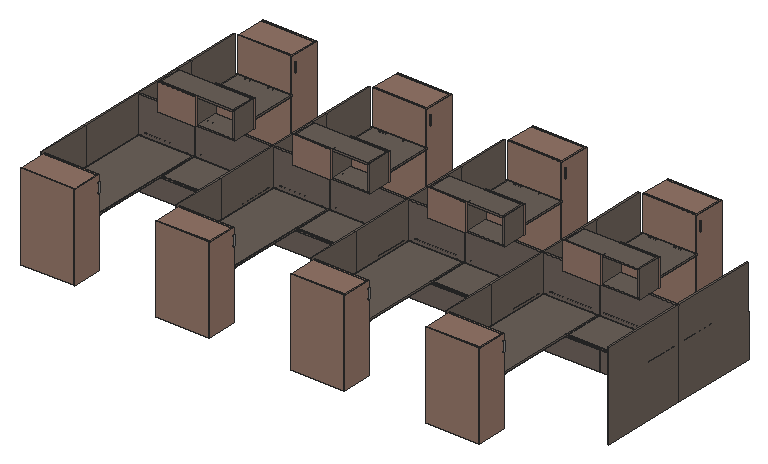
Revit family "T200031", category Furniture, Revit 2022 (continued)
Definition of nested family "STAKS BENCHING PEDESTAL TO WALL BRACKET Z SHAPED"
  Reference planes (in)
    plane 10: z = 27.625
    plane 11: z = 25.625
    plane 12: x = -18.25
    plane 13: x = -14.75
  Forms (in)
    Extrusion 1, solid
      sketch origin (0, 0, 0) x (1, 0, 0) y (0, 1, 0)
        loop
          arc (-18.25, 1.9066) -> (-18.38258, 1.96152) -> (-18.4375, 2.0941) r 0.1875
          line (-18.4375, 2.0941) -> (-18.4375, 2.87535) -> (-18.5, 2.87535) -> (-18.5, 2.0941)
          arc (-18.5, 2.0941) -> (-18.42678, 1.91732) -> (-18.25, 1.8441) r 0.25
          line (-18.25, 1.8441) -> (-14.75, 1.8441)
          arc (-14.75, 1.8441) -> (-14.61742, 1.78918) -> (-14.5625, 1.6566) r 0.1875
          line (-14.5625, 1.6566) -> (-14.5625, 0.87535) -> (-14.5, 0.87535) -> (-14.5, 1.6566)
          arc (-14.5, 1.6566) -> (-14.57322, 1.83338) -> (-14.75, 1.9066) r 0.25
          line (-14.75, 1.9066) -> (-18.25, 1.9066)
      from 25.625 to 27.625
    Extrusion 2, solid
      sketch origin (-16.5, 0, 0) x (0, 1, 0) y (0, 0, 1)
        loop
          line (1.6566, 27.875) -> (0.87535, 27.875) -> (0.87535, 27.8125) -> (1.6566, 27.8125)
          arc (1.6566, 27.8125) -> (1.78918, 27.75758) -> (1.8441, 27.625) r 0.1875
          line (1.8441, 27.625) -> (1.9066, 27.625)
          arc (1.9066, 27.625) -> (1.83338, 27.80178) -> (1.6566, 27.875) r 0.25
        loop
          arc (1.6566, 25.375) -> (1.83338, 25.44822) -> (1.9066, 25.625) r 0.25
          line (1.9066, 25.625) -> (1.8441, 25.625)
          arc (1.8441, 25.625) -> (1.78918, 25.49242) -> (1.6566, 25.4375) r 0.1875
          line (1.6566, 25.4375) -> (0.87535, 25.4375) -> (0.87535, 25.375) -> (1.6566, 25.375)
      from -1.75 to 1.75
    Extrusion 3, void
      sketch origin (-16.5, 0, 0) x (0, 1, 0) y (0, 0, 1)
        loop
          circle (1.07947, 27.29124) r 0.09375
        loop
          circle (1.07947, 25.95876) r 0.09375
        loop
          circle (2.67123, 27.29124) r 0.09375
        loop
          circle (2.67123, 25.95876) r 0.09375
      from -2 to 2
  Cuts and joins
    Extrusion 3 cuts Extrusion 1
    joined: Extrusion 1, Extrusion 2
  Dimensions and locks (in)
    "Height From Floor": plane 4 "BASE TOP" to plane 1
    "Height": plane 4 "BASE TOP" to plane 6
    equal spacing: plane 3 "LEFT", plane 8 "CENTER", plane 5 "RIGHT"
    equal spacing: plane 9, plane 2 "Center (Front/Back)", plane 7
    "Width": plane 3 "LEFT" to plane 5 "RIGHT"
    "Depth": plane 9 to plane 7
    aligned and locked: level to plane 1
    aligned and locked: plane 10 to Extrusion 1
    aligned and locked: Extrusion 1 to plane 11
    aligned and locked: Extrusion 2 to plane 12
    aligned and locked: plane 13 to Extrusion 2
    aligned and locked: Extrusion 3 to plane 3 "LEFT"
    aligned and locked: plane 5 "RIGHT" to Extrusion 3
  Automatic sketch dimensions
    Extrusion 1 sketch curve to Extrusion 1 sketch curve = 0' - 0"  (x4)
    Extrusion 1 sketch curve to plane 3 "LEFT" = 0' - 0"
    plane 7 to Extrusion 1 sketch curve = 0' - 0"
    plane 9 to Extrusion 1 sketch curve = 0' - 0"
    Extrusion 1 sketch curve to plane 5 "RIGHT" = 0' - 0"
    plane 2 "Center (Front/Back)" to Extrusion 1 sketch curve = 0' - 0 7/32"
    plane 2 "Center (Front/Back)" to Extrusion 1 sketch curve = 0' - 0 1/32"
    plane 3 "LEFT" to Extrusion 1 sketch curve = 0' - 0 1/4"
    Extrusion 1 sketch curve to plane 5 "RIGHT" = 0' - 0 1/16"
    Extrusion 2 sketch curve to Extrusion 2 sketch curve = 0' - 0"  (x4)
    plane 6 to Extrusion 2 sketch curve = 0' - 0"
    Extrusion 2 sketch curve to plane 9 = 0' - 0"  (x2)
    plane 4 "BASE TOP" to Extrusion 2 sketch curve = 0' - 0"
    Extrusion 2 sketch curve to plane 11 = 0' - 0"
    Extrusion 2 sketch curve to plane 10 = 0' - 0"
    Extrusion 2 sketch curve to plane 6 = 0' - 0 1/16"
    plane 4 "BASE TOP" to Extrusion 2 sketch curve = 0' - 0 1/16"
    plane 2 "Center (Front/Back)" to Extrusion 2 sketch curve = 0' - 0 7/32"  (x2)
    Extrusion 3 sketch curve to plane 9 = 0' - 0.20412"  (x2)
    plane 7 to Extrusion 3 sketch curve = 0' - 0.20412"  (x2)
    plane 11 to Extrusion 3 sketch curve = 0' - 0.33376"  (x2)
    Extrusion 3 sketch curve to plane 10 = 0' - 0.33376"  (x2)
    radius of Extrusion 3 sketch curve = 0' - 0 3/32"  (x4)
Definition of nested family "STAKS BENCHING PRESS FIT BRACKET"
  Parameters (values of type "STAKS BENCHING PRESS FIT BRACKET")
    Width = 0' - 7 1/8"
    URL = "http://www.ofs.com/"
    Model = "PFBKT-1"
    Manufacturer = "OFS"
    Height From Floor = 2' - 3 7/8"
    Height = 0' - 3"
    Gap = 0' - 1"
    Description = "OFS STAKS BENCHING PRESS FIT BRACKET, Supports Shared Organizers, Shared Shelves or Transaction Tops on Spine or Divider Wall Panels Without Defacing the Panel Faces"
    Depth = 0' - 2"
    Default Elevation = 0' - 0"
    Copyright © = "© 2018 OFS"
    Catalog = "https://ofs.com/products/open-plan/benching/staks"
    Bracket Material = none
    Authoring Version = "Autodesk Revit Architecture 2013"
    Assembly Code = "E2020200"
  Reference planes (in)
    plane 1: z = 0
    plane 2 "Center (Front/Back)": y = 1.87535
    plane 3 "LEFT": x = -20.0625
    plane 4 "BASE TOP": z = 27.875
    plane 5 "RIGHT": x = -12.9375
    plane 6: z = 24.875
    plane 7: y = 2.87535
    plane 8 "CENTER": x = -16.5
    plane 9: y = 0.87535
    plane 10: y = 1.25035
    plane 11: x = -16
    plane 12: x = -17
  Forms (in)
    Extrusion 1, solid, material <- "Bracket Material"
      sketch origin (0, 1.87535, 0) x (1, 0, 0) y (0, 0, 1)
        loop
          line (-17, 24.875) -> (-17, 27.375) -> (-16.82031, 27.375)
          arc (-16.82031, 27.375) -> (-16.59934, 27.46653) -> (-16.50781, 27.6875) r 0.3125
          line (-16.50781, 27.6875) -> (-16.50781, 27.875) -> (-20.0625, 27.875) -> (-20.0625, 27.375) -> (-17.75, 27.375)
          arc (-17.75, 27.375) -> (-17.39645, 27.22855) -> (-17.25, 26.875) r 0.5
          line (-17.25, 26.875) -> (-17.25, 24.875) -> (-17, 24.875)
        loop
          line (-12.9375, 27.875) -> (-16.49219, 27.875) -> (-16.49219, 27.6875)
          arc (-16.49219, 27.6875) -> (-16.40066, 27.46653) -> (-16.17969, 27.375) r 0.3125
          line (-16.17969, 27.375) -> (-16, 27.375) -> (-16, 24.875) -> (-15.75, 24.875) -> (-15.75, 26.875)
          arc (-15.75, 26.875) -> (-15.60355, 27.22855) -> (-15.25, 27.375) r 0.5
          line (-15.25, 27.375) -> (-12.9375, 27.375) -> (-12.9375, 27.875)
      from -1 to 1
    Extrusion 2, void
      sketch origin (0, 0, 0) x (1, 0, 0) y (0, 1, 0)
        loop
          line (-17, 0.87535) -> (-16, 0.87535) -> (-16, 1.37535) -> (-17, 1.37535) -> (-17, 0.87535)
        loop
          line (-17, 2.87535) -> (-17, 2.37535) -> (-16, 2.37535) -> (-16, 2.87535) -> (-17, 2.87535)
        loop
          circle (-19.48811, 1.37535) r 0.09375
        loop
          circle (-17.85526, 1.37535) r 0.09375
        loop
          circle (-13.51189, 1.37535) r 0.09375
        loop
          circle (-15.14474, 1.37535) r 0.09375
        loop
          circle (-19.48811, 2.37535) r 0.09375
        loop
          circle (-17.85526, 2.37535) r 0.09375
        loop
          circle (-13.51189, 2.37535) r 0.09375
        loop
          circle (-15.14474, 2.37535) r 0.09375
      from 24.875 to 27.875
    Extrusion 3, solid, material <- "Bracket Material"
      sketch origin (-16.5, 0, 0) x (0, 1, 0) y (0, 0, 1)
        loop
          circle (2.60972, 27.625) r 0.1875
        loop
          line (2.60972, 27.72544) -> (2.52274, 27.67522) -> (2.52274, 27.57478) -> (2.60972, 27.52456) -> (2.69671, 27.57478) -> (2.69671, 27.67522) -> (2.60972, 27.72544)
        loop
          circle (1.14097, 27.625) r 0.1875
        loop
          line (1.14097, 27.72544) -> (1.05399, 27.67522) -> (1.05399, 27.57478) -> (1.14097, 27.52456) -> (1.22796, 27.57478) -> (1.22796, 27.67522) -> (1.14097, 27.72544)
      from 3.5625 to 3.68034
    Extrusion 4, solid, material <- "Bracket Material"
      sketch origin (-16.5, 0, 0) x (0, 1, 0) y (0, 0, -1)
        loop
          circle (2.60972, -27.625) r 0.1875
        loop
          line (2.60972, -27.72544) -> (2.69671, -27.67522) -> (2.69671, -27.57478) -> (2.60972, -27.52456) -> (2.52274, -27.57478) -> (2.52274, -27.67522) -> (2.60972, -27.72544)
        loop
          circle (1.14097, -27.625) r 0.1875
        loop
          line (1.14097, -27.72544) -> (1.22796, -27.67522) -> (1.22796, -27.57478) -> (1.14097, -27.52456) -> (1.05399, -27.57478) -> (1.05399, -27.67522) -> (1.14097, -27.72544)
      from 3.5625 to 3.68034
    Extrusion 5, solid, material <- "Bracket Material"
      sketch origin (-16.5, 3.61007, 0) x (0, -1, 0) y (0, 0, -1)
        loop
          circle (2.4691, -27.625) r 0.09375
      from -0.5 to 0.5
    Extrusion 6, solid, material <- "Bracket Material"
      sketch origin (-16.5, 0.14063, 0) x (0, 1, 0) y (0, 0, 1)
        loop
          circle (2.4691, 27.625) r 0.09375
      from -0.5 to 0.5
    Extrusion 7, solid
      sketch origin (-16.5, 0, 0) x (0, 1, 0) y (0, 0, 1)
        loop
          line (2.37535, 26.875) -> (1.37535, 26.875) -> (1.37535, 25.375) -> (2.37535, 25.375) -> (2.37535, 26.875)
      from 0.40321 to 0.5
    Extrusion 8, solid
      sketch origin (-16.5, 0, 0) x (0, 1, 0) y (0, 0, -1)
        loop
          line (2.37535, -26.875) -> (2.37535, -25.375) -> (1.37535, -25.375) -> (1.37535, -26.875) -> (2.37535, -26.875)
      from 0.40321 to 0.5
  Cuts and joins
    Extrusion 2 cuts Extrusion 1
  Dimensions and locks (in)
    "Height From Floor": plane 4 "BASE TOP" to plane 1
    "Height": plane 4 "BASE TOP" to plane 6
    equal spacing: plane 3 "LEFT", plane 8 "CENTER", plane 5 "RIGHT"
    equal spacing: plane 9, plane 2 "Center (Front/Back)", plane 7
    "Width": plane 3 "LEFT" to plane 5 "RIGHT"
    "Depth": plane 9 to plane 7
    equal spacing: plane 11, plane 8 "CENTER", plane 12
    "Gap": plane 12 to plane 11
    aligned and locked: level to plane 1
    aligned and locked: plane 9 to Extrusion 1
    aligned and locked: Extrusion 1 to plane 7
    aligned and locked: Extrusion 2 to plane 4 "BASE TOP"
    aligned and locked: plane 6 to Extrusion 2
    aligned and locked: plane 11 to Extrusion 5
    aligned and locked: plane 12 to Extrusion 5
    aligned and locked: plane 11 to Extrusion 7
  Automatic sketch dimensions
    Extrusion 1 sketch curve to plane 3 "LEFT" = 0' - 0"
    Extrusion 1 sketch curve to plane 6 = 0' - 0"  (x2)
    plane 12 to Extrusion 1 sketch curve = 0' - 0"
    Extrusion 1 sketch curve to plane 4 "BASE TOP" = 0' - 0"  (x2)
    Extrusion 1 sketch curve to plane 11 = 0' - 0"
    Extrusion 1 sketch curve to plane 5 "RIGHT" = 0' - 0"
    plane 12 to Extrusion 1 sketch curve = 0' - 0 1/4"
    plane 4 "BASE TOP" to Extrusion 1 sketch curve = 0' - 1"
    plane 4 "BASE TOP" to Extrusion 1 sketch curve = 0' - 0 1/2"  (x3)
    Extrusion 1 sketch curve to plane 12 = 0' - 0 23/128"
    Extrusion 1 sketch curve to plane 8 "CENTER" = 0' - 0 1/128"
    plane 8 "CENTER" to Extrusion 1 sketch curve = 0' - 0 1/128"
    Extrusion 1 sketch curve to Extrusion 1 sketch curve = 0' - 0 23/128"
    plane 11 to Extrusion 1 sketch curve = 0' - 0 1/4"
    Extrusion 1 sketch curve to Extrusion 1 sketch curve = 0' - 0 1/2"
    Extrusion 1 sketch curve to Extrusion 1 sketch curve = 0' - 0 5/16"
    plane 9 to Extrusion 2 sketch curve = 0' - 0"
    Extrusion 2 sketch curve to plane 12 = 0' - 0"  (x2)
    plane 7 to Extrusion 2 sketch curve = 0' - 0"
    Extrusion 2 sketch curve to plane 11 = 0' - 0"  (x2)
    Extrusion 2 sketch curve to plane 10 = 0' - 0 1/8"  (x5)
    plane 3 "LEFT" to Extrusion 2 sketch curve = 0' - 0.57439"  (x2)
    Extrusion 2 sketch curve to Extrusion 2 sketch curve = 0' - 0.85526"  (x4)
    Extrusion 2 sketch curve to plane 5 "RIGHT" = 0' - 0.57439"  (x2)
    Extrusion 2 sketch curve to plane 2 "Center (Front/Back)" = 0' - 0 1/2"  (x5)
    Extrusion 3 sketch curve to plane 9 = 0' - 0.17864"
    plane 4 "BASE TOP" to Extrusion 3 sketch curve = 0' - 0.35044"  (x2)
    Extrusion 3 sketch curve to Extrusion 3 sketch curve = 0' - 0.08698"  (x6)
    plane 10 to Extrusion 3 sketch curve = 0' - 0.02239"
    plane 7 to Extrusion 3 sketch curve = 0' - 0.35261"
    Extrusion 3 sketch curve to Extrusion 3 sketch curve = 0' - 0"
    Extrusion 3 sketch curve to Extrusion 3 sketch curve = 0' - 0.05022"  (x7)
    Extrusion 3 sketch curve to Extrusion 3 sketch curve = 0' - 0.10044"  (x5)
    Extrusion 4 sketch curve to plane 9 = 0' - 0.17864"
    plane 4 "BASE TOP" to Extrusion 4 sketch curve = 0' - 0.14956"  (x2)
    Extrusion 4 sketch curve to Extrusion 4 sketch curve = 0' - 0.08698"  (x7)
    plane 10 to Extrusion 4 sketch curve = 0' - 0.02239"
    plane 7 to Extrusion 4 sketch curve = 0' - 0.35261"
    Extrusion 4 sketch curve to Extrusion 4 sketch curve = 0' - 0.05022"  (x8)
    Extrusion 4 sketch curve to Extrusion 4 sketch curve = 0' - 0.10044"  (x4)
    Extrusion 5 sketch curve to plane 10 = 0' - 0 7/64"
    Extrusion 5 sketch curve to plane 4 "BASE TOP" = 0' - 0 1/4"
    plane 7 to Extrusion 6 sketch curve = 0' - 0 17/64"
    plane 4 "BASE TOP" to Extrusion 6 sketch curve = 0' - 0 1/4"
    Extrusion 7 sketch curve to plane 10 = 0' - 0 1/8"
    Extrusion 7 sketch curve to plane 6 = 0' - 0 1/2"
    Extrusion 7 sketch curve to plane 2 "Center (Front/Back)" = 0' - 0 1/2"
    plane 4 "BASE TOP" to Extrusion 7 sketch curve = 0' - 1"
    Extrusion 8 sketch curve to plane 10 = 0' - 0 1/8"
    plane 4 "BASE TOP" to Extrusion 8 sketch curve = 0' - 1"
    Extrusion 8 sketch curve to plane 2 "Center (Front/Back)" = 0' - 0 1/2"
    Extrusion 8 sketch curve to plane 6 = 0' - 0 1/2"
    radius of Extrusion 2 sketch curve = 0' - 0 3/32"  (x8)
    radius of Extrusion 3 sketch curve = 0' - 0 3/16"  (x2)
    radius of Extrusion 4 sketch curve = 0' - 0 3/16"  (x2)
    radius of Extrusion 5 sketch curve = 0' - 0 3/32"
    radius of Extrusion 6 sketch curve = 0' - 0 3/32"
